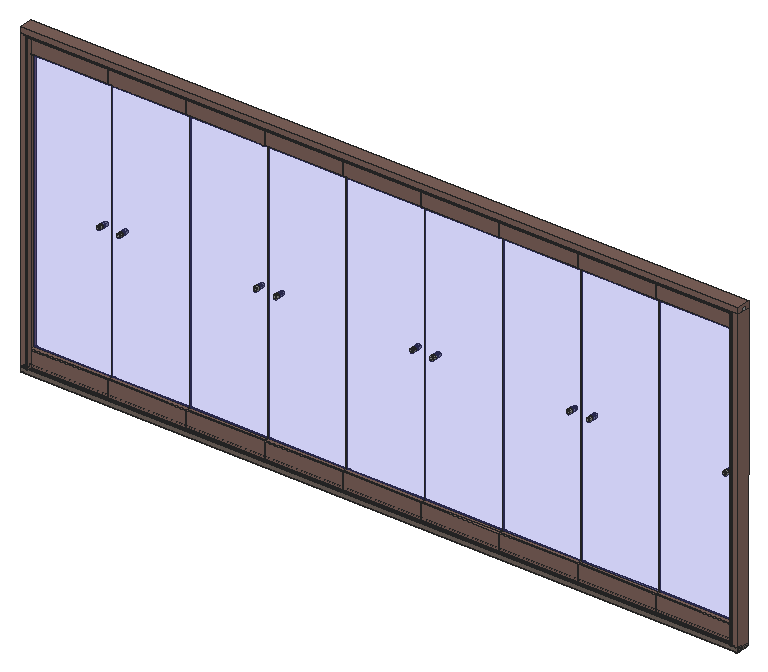
Revit family "FL9L 2385 LH", category Doors, host Wall, Revit 2015
Parameters (values of type "FL9L 2385 LH")
  Function = Interior
  Frame Projection Ext. = 25 mm
  Frame Projection Int. = 25 mm
  Frame Width = 75 mm
  Height = 2385 mm
  Wall Closure = By host
  Width = 5535 mm
Reference planes
  plane 1: y = 0
  plane 2 "Center (Left/Right)": x = 0
  plane 3 "Left": x = -2767.5
  plane 4 "Right": x = 2767.5
  plane 5: z = 2385
  plane 6 "Exterior": y = 75
  plane 7 "Interior": y = -75
  plane 8: x = 2722.5
  plane 9: x = 2716
  plane 10: x = 2116
  plane 11: x = 2112
  plane 12: x = 1512
  plane 13: x = 1508
  plane 14: x = 908
  plane 15: x = 904
  plane 16: x = 304
  plane 17: x = 300
  plane 18: x = -300
  plane 19: x = -304
  plane 20: x = -904
  plane 21: x = -908
  plane 22: x = -1508
  plane 23: x = -1512
  plane 24: x = -2112
  plane 25: x = -2116
  plane 26: x = -2716
  plane 27: x = -2722.5
Forms (mm)
  Extrusion 1, solid, material "Meranti (Frameless)"
    sketch origin (0, 0, 285) x (0, 1, 0) y (0, 0, 1)
      loop
        line (52.5, 2100) -> (-52.5, 2100) -> (-52.5, 2055) -> (-6.5, 2055) -> (-6.5, 2075) -> (15.5, 2075) -> (15.5, 2055) -> (52.5, 2055) -> (52.5, 2100)
    from -2767.5 to 2767.5
  Extrusion 2, solid, material "Steel, Chrome Plated"
    sketch origin (667.231, -1.5, 285) x (0, 1, 0) y (0, 0, 1)
      loop
        line (16.5, 2075) -> (-4.5, 2075) -> (-4.5, 2055) -> (-2.3, 2055) -> (-2.3, 2072.8) -> (14.3, 2072.8) -> (14.3, 2055) -> (16.5, 2055) -> (16.5, 2075)
    from -3434.731 to 2100.269
  Extrusion 3, solid, material "Meranti (Frameless)"
    sketch origin (0, 0, 0) x (1, 0, 0) y (0, 1, 0)
      loop
        line (-2767.5, 52.5) -> (-2767.5, -52.5) -> (-2722.5, -52.5) -> (-2722.5, 24.5) -> (-2734.5, 24.5) -> (-2734.5, 52.5) -> (-2767.5, 52.5)
      loop
        line (2767.5, 52.5) -> (2734.5, 52.5) -> (2734.5, 24.5) -> (2722.5, 24.5) -> (2722.5, -52.5) -> (2767.5, -52.5) -> (2767.5, 52.5)
    from 32 to 2340
  Extrusion 4, solid, material "Aluminium Cill (Bronze)"
    sketch origin (0, 79.18, -119.746) x (0, 1, 0) y (0, 0, 1)
      loop
        line (-26.68, 120.746) -> (-26.68, 135.746)
        arc (-26.68, 135.746) -> (-27.558, 137.867) -> (-29.68, 138.746) r 3
        line (-29.68, 138.746) -> (-40.947, 138.746)
        arc (-40.947, 138.746) -> (-42.68, 137.746) -> (-44.412, 138.746) r 2
        line (-44.412, 138.746) -> (-48.947, 138.746)
        arc (-48.947, 138.746) -> (-50.68, 137.746) -> (-52.412, 138.746) r 2
        line (-52.412, 138.746) -> (-56.947, 138.746)
        arc (-56.947, 138.746) -> (-58.68, 137.746) -> (-60.412, 138.746) r 2
        line (-60.412, 138.746) -> (-67.18, 138.746) -> (-67.18, 135.246)
        arc (-67.18, 135.246) -> (-67.619, 134.185) -> (-68.68, 133.746) r 1.5
        line (-68.68, 133.746) -> (-73.43, 133.746) -> (-73.43, 135.746) -> (-71.996, 135.746)
        arc (-71.996, 135.746) -> (-74.68, 138.746) -> (-77.363, 135.746) r 2.7
        line (-77.363, 135.746) -> (-75.93, 135.746) -> (-75.93, 133.746) -> (-80.68, 133.746)
        arc (-80.68, 133.746) -> (-81.74, 134.185) -> (-82.18, 135.246) r 1.5
        line (-82.18, 135.246) -> (-82.18, 138.746) -> (-90.432, 138.746) -> (-98.68, 138.746) -> (-98.68, 143.746)
        arc (-98.68, 143.746) -> (-99.18, 144.246) -> (-99.68, 143.746) r 0.5
        line (-99.68, 143.746) -> (-99.68, 142.734) -> (-100.88, 142.734) -> (-100.88, 150.246) -> (-99.68, 150.246) -> (-99.68, 149.246)
        arc (-99.68, 149.246) -> (-99.18, 148.746) -> (-98.68, 149.246) r 0.5
        line (-98.68, 149.246) -> (-98.68, 150.746)
        arc (-98.68, 150.746) -> (-98.972, 151.453) -> (-99.68, 151.746) r 1
        line (-99.68, 151.746) -> (-109.447, 151.746)
        arc (-109.447, 151.746) -> (-111.18, 150.746) -> (-112.912, 151.746) r 2
        line (-112.912, 151.746) -> (-117.447, 151.746)
        arc (-117.447, 151.746) -> (-119.18, 150.746) -> (-120.912, 151.746) r 2
        line (-120.912, 151.746) -> (-130.68, 151.746)
        arc (-130.68, 151.746) -> (-131.387, 151.453) -> (-131.68, 150.746) r 1
        line (-131.68, 150.746) -> (-131.68, 120.746)
        arc (-131.68, 120.746) -> (-131.387, 120.039) -> (-130.68, 119.746) r 1
        line (-130.68, 119.746) -> (-27.68, 119.746)
        arc (-27.68, 119.746) -> (-26.972, 120.039) -> (-26.68, 120.746) r 1
      loop
        line (-29.68, 137.246) -> (-40.23, 137.246)
        arc (-40.23, 137.246) -> (-42.68, 136.246) -> (-45.129, 137.246) r 3.5
        line (-45.129, 137.246) -> (-48.23, 137.246)
        arc (-48.23, 137.246) -> (-50.68, 136.246) -> (-53.129, 137.246) r 3.5
        line (-53.129, 137.246) -> (-56.23, 137.246)
        arc (-56.23, 137.246) -> (-58.68, 136.246) -> (-61.129, 137.246) r 3.5
        line (-61.129, 137.246) -> (-65.68, 137.246) -> (-65.68, 135.246)
        arc (-65.68, 135.246) -> (-66.558, 133.125) -> (-68.68, 132.246) r 3
        line (-68.68, 132.246) -> (-73.93, 132.246) -> (-73.93, 121.246) -> (-28.18, 121.246) -> (-28.18, 135.746)
        arc (-28.18, 135.746) -> (-28.619, 136.807) -> (-29.68, 137.246) r 1.5
      loop
        line (-75.43, 132.246) -> (-80.68, 132.246)
        arc (-80.68, 132.246) -> (-82.801, 133.125) -> (-83.68, 135.246) r 3
        line (-83.68, 135.246) -> (-83.68, 137.246) -> (-98.68, 137.246) -> (-98.68, 121.246) -> (-75.43, 121.246) -> (-75.43, 132.246)
      loop
        line (-100.18, 121.246) -> (-100.18, 141.246) -> (-102.38, 141.246) -> (-102.38, 150.246) -> (-108.73, 150.246)
        arc (-108.73, 150.246) -> (-111.18, 149.246) -> (-113.629, 150.246) r 3.5
        line (-113.629, 150.246) -> (-116.73, 150.246)
        arc (-116.73, 150.246) -> (-119.18, 149.246) -> (-121.629, 150.246) r 3.5
        line (-121.629, 150.246) -> (-130.18, 150.246) -> (-130.18, 121.246) -> (-100.18, 121.246)
    from -2767.5 to 2767.5
  Extrusion 5, solid, material "Meranti (Frameless)"
    sketch origin (0, 0, 0) x (1, 0, 0) y (0, 1, 0)
      loop
        line (-2767.5, 52.5) -> (-2767.5, -19.5) -> (-2722.5, -19.5) -> (-2722.5, 24.5) -> (-2734.5, 24.5) -> (-2734.5, 52.5) -> (-2767.5, 52.5)
      loop
        line (2767.5, 52.5) -> (2734.5, 52.5) -> (2734.5, 24.5) -> (2722.5, 24.5) -> (2722.5, -19.5) -> (2767.5, -19.5) -> (2767.5, 52.5)
    from 19 to 32
  Extrusion 6, solid, material "Meranti (Frameless)"
    sketch origin (0, 0, 285) x (0, 1, 0) y (0, 0, 1)
      loop
        line (-52.5, 2052) -> (-52.5, 2042) -> (-26.5, 2042) -> (-26.5, 2045.5) -> (-33.5, 2045.5) -> (-33.5, 2048.5) -> (-26.5, 2048.5) -> (-26.5, 2055) -> (-49.5, 2055) -> (-49.5, 2052) -> (-52.5, 2052)
    from -2722.5 to 2722.5
  Extrusion 7, solid, material "Meranti (Frameless)"
    sketch origin (0, 0, 285) x (1, 0, 0) y (0, 1, 0)
      loop
        line (-2719.5, -52.5) -> (-2709.5, -52.5) -> (-2709.5, -26.5) -> (-2713, -26.5) -> (-2713, -33.5) -> (-2716, -33.5) -> (-2716, -26.5) -> (-2722.5, -26.5) -> (-2722.5, -49.5) -> (-2719.5, -49.5) -> (-2719.5, -52.5)
      loop
        line (2717, -52.5) -> (2717, -49.5) -> (2722.5, -49.5) -> (2722.5, -26.5) -> (2713.5, -26.5) -> (2713.5, -33.5) -> (2710.5, -33.5) -> (2710.5, -26.5) -> (2707, -26.5) -> (2707, -52.5) -> (2717, -52.5)
    from -253 to 2042
  Extrusion 8, solid, material "Meranti (Frameless)"
    sketch origin (1806, 0, 0) x (0, 1, 0) y (0, 0, 1)
      loop
        line (24.5, 24) -> (24.5, 112) -> (13, 112) -> (13, 162) -> (-15.5, 162) -> (-20.5, 157) -> (-20.5, 37) -> (-15.5, 37) -> (-15.5, 24) -> (24.5, 24)
      loop
        line (24.5, 2335) -> (-20.5, 2335) -> (-20.5, 2202) -> (-15.5, 2197) -> (13, 2197) -> (13, 2247) -> (24.5, 2247) -> (24.5, 2335)
    from 310 to 910
  Extrusion 9, solid, material "Glass"
    sketch origin (2282.101, -93.1, -804.253) x (1, 0, 0) y (0, 0, 1)
      loop
        line (-166.101, 3051.253) -> (-166.101, 916.253) -> (433.899, 916.253) -> (433.899, 3051.253) -> (-166.101, 3051.253)
    from -116.1 to -106.1
  Extrusion 10, solid, material "Rubber, Black"
    sketch origin (1808.5, 0, 0) x (0, 1, 0) y (0, 0, 1)
      loop
        line (24.5, 112) -> (24.5, 162) -> (23, 162) -> (23, 112) -> (24.5, 112)
      loop
        line (24.5, 2197) -> (24.5, 2247) -> (23, 2247) -> (23, 2197) -> (24.5, 2197)
    from 307.5 to 907.5
  Revolve 11, solid, material "Steel, S 460"
    sketch origin (2266, 0, -1800) x (0, 1, 0) y (0, 0, 1)
      loop
        line (24.5, 1941.5) -> (31.5, 1941.5) -> (31.5, 1950) -> (29.5, 1952) -> (24.5, 1952) -> (24.5, 1941.5)
      axis (31.5, 1937) -> (24.5, 1937)
    angle from 0 to 360
  Revolve 12, solid, material "Steel, S 460"
    sketch origin (2566, 0, -1800) x (0, 1, 0) y (0, 0, -1)
      loop
        line (24.5, -1941.5) -> (24.5, -1952) -> (29.5, -1952) -> (31.5, -1950) -> (31.5, -1941.5) -> (24.5, -1941.5)
      axis (31.5, -1937) -> (24.5, -1937)
    angle from 0 to 360
  Revolve 13, solid, material "Steel, S 460"
    sketch origin (2266, 0, 285) x (0, 1, 0) y (0, 0, 1)
      loop
        line (24.5, 1941.5) -> (31.5, 1941.5) -> (31.5, 1950) -> (29.5, 1952) -> (24.5, 1952) -> (24.5, 1941.5)
      axis (31.5, 1937) -> (24.5, 1937)
    angle from 0 to 360
  Revolve 14, solid, material "Steel, S 460"
    sketch origin (2566, 0, 285) x (0, 1, 0) y (0, 0, -1)
      loop
        line (24.5, -1941.5) -> (24.5, -1952) -> (29.5, -1952) -> (31.5, -1950) -> (31.5, -1941.5) -> (24.5, -1941.5)
      axis (31.5, -1937) -> (24.5, -1937)
    angle from 0 to 360
  Revolve 15, solid, material "Steel, Chrome Plated"
    sketch origin (1433, -128.249, 152.823) x (0, 1, 0) y (0, 0, -1)
      loop
        line (151.249, -1026.677) -> (151.249, -1041.677) -> (154.249, -1041.677) -> (159.249, -1036.677) -> (164.249, -1041.677) -> (180.249, -1041.677) -> (181.249, -1040.677) -> (181.249, -1026.677) -> (151.249, -1026.677)
      axis (181.249, -1026.677) -> (151.249, -1026.677)
    angle from 0 to 360
  Revolve 16, solid, material "Steel, Chrome Plated"
    sketch origin (1433, 164.249, 152.823) x (0, -1, 0) y (0, 0, 1)
      loop
        line (151.249, 1026.677) -> (181.249, 1026.677) -> (181.249, 1040.677) -> (180.249, 1041.677) -> (164.249, 1041.677) -> (159.249, 1036.677) -> (154.249, 1041.677) -> (151.249, 1041.677) -> (151.249, 1026.677)
      axis (181.249, 1026.677) -> (151.249, 1026.677)
    angle from 0 to 360
  Revolve 17, solid, material "Steel, Chrome Plated"
    sketch origin (1587, -128.249, 152.823) x (0, 1, 0) y (0, 0, 1)
      loop
        line (151.249, 1026.677) -> (181.249, 1026.677) -> (181.249, 1040.677) -> (180.249, 1041.677) -> (164.249, 1041.677) -> (159.249, 1036.677) -> (154.249, 1041.677) -> (151.249, 1041.677) -> (151.249, 1026.677)
      axis (181.249, 1026.677) -> (151.249, 1026.677)
    angle from 0 to 360
  Revolve 18, solid, material "Steel, Chrome Plated"
    sketch origin (1587, 164.249, 152.823) x (0, -1, 0) y (0, 0, -1)
      loop
        line (151.249, -1026.677) -> (151.249, -1041.677) -> (154.249, -1041.677) -> (159.249, -1036.677) -> (164.249, -1041.677) -> (180.249, -1041.677) -> (181.249, -1040.677) -> (181.249, -1026.677) -> (151.249, -1026.677)
      axis (181.249, -1026.677) -> (151.249, -1026.677)
    angle from 0 to 360
  Revolve 19, solid, material "Steel, Chrome Plated"
    sketch origin (-2191, -128.249, 152.823) x (0, 1, 0) y (0, 0, -1)
      loop
        line (151.249, -1026.677) -> (151.249, -1041.677) -> (154.249, -1041.677) -> (159.249, -1036.677) -> (164.249, -1041.677) -> (180.249, -1041.677) -> (181.249, -1040.677) -> (181.249, -1026.677) -> (151.249, -1026.677)
      axis (181.249, -1026.677) -> (151.249, -1026.677)
    angle from 0 to 360
  Revolve 20, solid, material "Steel, Chrome Plated"
    sketch origin (-2191, 164.249, 152.823) x (0, -1, 0) y (0, 0, 1)
      loop
        line (151.249, 1026.677) -> (181.249, 1026.677) -> (181.249, 1040.677) -> (180.249, 1041.677) -> (164.249, 1041.677) -> (159.249, 1036.677) -> (154.249, 1041.677) -> (151.249, 1041.677) -> (151.249, 1026.677)
      axis (181.249, 1026.677) -> (151.249, 1026.677)
    angle from 0 to 360
  Revolve 21, solid, material "Steel, Chrome Plated"
    sketch origin (-2037, -128.249, 152.823) x (0, 1, 0) y (0, 0, 1)
      loop
        line (151.249, 1026.677) -> (181.249, 1026.677) -> (181.249, 1040.677) -> (180.249, 1041.677) -> (164.249, 1041.677) -> (159.249, 1036.677) -> (154.249, 1041.677) -> (151.249, 1041.677) -> (151.249, 1026.677)
      axis (181.249, 1026.677) -> (151.249, 1026.677)
    angle from 0 to 360
  Revolve 22, solid, material "Steel, Chrome Plated"
    sketch origin (-2037, 164.249, 152.823) x (0, -1, 0) y (0, 0, -1)
      loop
        line (151.249, -1026.677) -> (151.249, -1041.677) -> (154.249, -1041.677) -> (159.249, -1036.677) -> (164.249, -1041.677) -> (180.249, -1041.677) -> (181.249, -1040.677) -> (181.249, -1026.677) -> (151.249, -1026.677)
      axis (181.249, -1026.677) -> (151.249, -1026.677)
    angle from 0 to 360
  Revolve 23, solid, material "Steel, Chrome Plated"
    sketch origin (-983, -128.249, 152.823) x (0, 1, 0) y (0, 0, -1)
      loop
        line (151.249, -1026.677) -> (151.249, -1041.677) -> (154.249, -1041.677) -> (159.249, -1036.677) -> (164.249, -1041.677) -> (180.249, -1041.677) -> (181.249, -1040.677) -> (181.249, -1026.677) -> (151.249, -1026.677)
      axis (181.249, -1026.677) -> (151.249, -1026.677)
    angle from 0 to 360
  Revolve 24, solid, material "Steel, Chrome Plated"
    sketch origin (-983, 164.249, 152.823) x (0, -1, 0) y (0, 0, 1)
      loop
        line (151.249, 1026.677) -> (181.249, 1026.677) -> (181.249, 1040.677) -> (180.249, 1041.677) -> (164.249, 1041.677) -> (159.249, 1036.677) -> (154.249, 1041.677) -> (151.249, 1041.677) -> (151.249, 1026.677)
      axis (181.249, 1026.677) -> (151.249, 1026.677)
    angle from 0 to 360
  Revolve 25, solid, material "Steel, Chrome Plated"
    sketch origin (-829, -128.249, 152.823) x (0, 1, 0) y (0, 0, 1)
      loop
        line (151.249, 1026.677) -> (181.249, 1026.677) -> (181.249, 1040.677) -> (180.249, 1041.677) -> (164.249, 1041.677) -> (159.249, 1036.677) -> (154.249, 1041.677) -> (151.249, 1041.677) -> (151.249, 1026.677)
      axis (181.249, 1026.677) -> (151.249, 1026.677)
    angle from 0 to 360
  Revolve 26, solid, material "Steel, Chrome Plated"
    sketch origin (-829, 164.249, 152.823) x (0, -1, 0) y (0, 0, -1)
      loop
        line (151.249, -1026.677) -> (151.249, -1041.677) -> (154.249, -1041.677) -> (159.249, -1036.677) -> (164.249, -1041.677) -> (180.249, -1041.677) -> (181.249, -1040.677) -> (181.249, -1026.677) -> (151.249, -1026.677)
      axis (181.249, -1026.677) -> (151.249, -1026.677)
    angle from 0 to 360
  Revolve 27, solid, material "Steel, Chrome Plated"
    sketch origin (225, -128.249, 152.823) x (0, 1, 0) y (0, 0, -1)
      loop
        line (151.249, -1026.677) -> (151.249, -1041.677) -> (154.249, -1041.677) -> (159.249, -1036.677) -> (164.249, -1041.677) -> (180.249, -1041.677) -> (181.249, -1040.677) -> (181.249, -1026.677) -> (151.249, -1026.677)
      axis (181.249, -1026.677) -> (151.249, -1026.677)
    angle from 0 to 360
  Revolve 28, solid, material "Steel, Chrome Plated"
    sketch origin (225, 164.249, 152.823) x (0, -1, 0) y (0, 0, 1)
      loop
        line (151.249, 1026.677) -> (181.249, 1026.677) -> (181.249, 1040.677) -> (180.249, 1041.677) -> (164.249, 1041.677) -> (159.249, 1036.677) -> (154.249, 1041.677) -> (151.249, 1041.677) -> (151.249, 1026.677)
      axis (181.249, 1026.677) -> (151.249, 1026.677)
    angle from 0 to 360
  Revolve 29, solid, material "Steel, Chrome Plated"
    sketch origin (379, -128.249, 152.823) x (0, 1, 0) y (0, 0, 1)
      loop
        line (151.249, 1026.677) -> (181.249, 1026.677) -> (181.249, 1040.677) -> (180.249, 1041.677) -> (164.249, 1041.677) -> (159.249, 1036.677) -> (154.249, 1041.677) -> (151.249, 1041.677) -> (151.249, 1026.677)
      axis (181.249, 1026.677) -> (151.249, 1026.677)
    angle from 0 to 360
  Revolve 30, solid, material "Steel, Chrome Plated"
    sketch origin (379, 164.249, 152.823) x (0, -1, 0) y (0, 0, -1)
      loop
        line (151.249, -1026.677) -> (151.249, -1041.677) -> (154.249, -1041.677) -> (159.249, -1036.677) -> (164.249, -1041.677) -> (180.249, -1041.677) -> (181.249, -1040.677) -> (181.249, -1026.677) -> (151.249, -1026.677)
      axis (181.249, -1026.677) -> (151.249, -1026.677)
    angle from 0 to 360
  Revolve 31, solid, material "Steel, Chrome Plated"
    sketch origin (2641, -128.249, 152.823) x (0, 1, 0) y (0, 0, -1)
      loop
        line (151.249, -1026.677) -> (151.249, -1041.677) -> (154.249, -1041.677) -> (159.249, -1036.677) -> (164.249, -1041.677) -> (180.249, -1041.677) -> (181.249, -1040.677) -> (181.249, -1026.677) -> (151.249, -1026.677)
      axis (181.249, -1026.677) -> (151.249, -1026.677)
    angle from 0 to 360
  Revolve 32, solid, material "Steel, Chrome Plated"
    sketch origin (2641, 164.249, 152.823) x (0, -1, 0) y (0, 0, 1)
      loop
        line (151.249, 1026.677) -> (181.249, 1026.677) -> (181.249, 1040.677) -> (180.249, 1041.677) -> (164.249, 1041.677) -> (159.249, 1036.677) -> (154.249, 1041.677) -> (151.249, 1041.677) -> (151.249, 1026.677)
      axis (181.249, 1026.677) -> (151.249, 1026.677)
    angle from 0 to 360
  Extrusion 33, solid, material "Meranti (Frameless)"
    sketch origin (1202, 0, 0) x (0, 1, 0) y (0, 0, 1)
      loop
        line (24.5, 24) -> (24.5, 112) -> (13, 112) -> (13, 162) -> (-15.5, 162) -> (-20.5, 157) -> (-20.5, 37) -> (-15.5, 37) -> (-15.5, 24) -> (24.5, 24)
      loop
        line (24.5, 2335) -> (-20.5, 2335) -> (-20.5, 2202) -> (-15.5, 2197) -> (13, 2197) -> (13, 2247) -> (24.5, 2247) -> (24.5, 2335)
    from 310 to 910
  Extrusion 34, solid, material "Glass"
    sketch origin (1678.101, -93.1, -804.253) x (1, 0, 0) y (0, 0, 1)
      loop
        line (-166.101, 3051.253) -> (-166.101, 916.253) -> (433.899, 916.253) -> (433.899, 3051.253) -> (-166.101, 3051.253)
    from -116.1 to -106.1
  Extrusion 35, solid, material "Rubber, Black"
    sketch origin (1204.5, 0, 0) x (0, 1, 0) y (0, 0, 1)
      loop
        line (24.5, 112) -> (24.5, 162) -> (23, 162) -> (23, 112) -> (24.5, 112)
      loop
        line (24.5, 2197) -> (24.5, 2247) -> (23, 2247) -> (23, 2197) -> (24.5, 2197)
    from 307.5 to 907.5
  Revolve 36, solid, material "Steel, S 460"
    sketch origin (1662, 0, -1800) x (0, 1, 0) y (0, 0, 1)
      loop
        line (24.5, 1941.5) -> (31.5, 1941.5) -> (31.5, 1950) -> (29.5, 1952) -> (24.5, 1952) -> (24.5, 1941.5)
      axis (31.5, 1937) -> (24.5, 1937)
    angle from 0 to 360
  Revolve 37, solid, material "Steel, S 460"
    sketch origin (1962, 0, -1800) x (0, 1, 0) y (0, 0, -1)
      loop
        line (24.5, -1941.5) -> (24.5, -1952) -> (29.5, -1952) -> (31.5, -1950) -> (31.5, -1941.5) -> (24.5, -1941.5)
      axis (31.5, -1937) -> (24.5, -1937)
    angle from 0 to 360
  Revolve 38, solid, material "Steel, S 460"
    sketch origin (1662, 0, 285) x (0, 1, 0) y (0, 0, 1)
      loop
        line (24.5, 1941.5) -> (31.5, 1941.5) -> (31.5, 1950) -> (29.5, 1952) -> (24.5, 1952) -> (24.5, 1941.5)
      axis (31.5, 1937) -> (24.5, 1937)
    angle from 0 to 360
  Revolve 39, solid, material "Steel, S 460"
    sketch origin (1962, 0, 285) x (0, 1, 0) y (0, 0, -1)
      loop
        line (24.5, -1941.5) -> (24.5, -1952) -> (29.5, -1952) -> (31.5, -1950) -> (31.5, -1941.5) -> (24.5, -1941.5)
      axis (31.5, -1937) -> (24.5, -1937)
    angle from 0 to 360
  Extrusion 40, solid, material "Meranti (Frameless)"
    sketch origin (598, 0, 0) x (0, 1, 0) y (0, 0, 1)
      loop
        line (24.5, 24) -> (24.5, 112) -> (13, 112) -> (13, 162) -> (-15.5, 162) -> (-20.5, 157) -> (-20.5, 37) -> (-15.5, 37) -> (-15.5, 24) -> (24.5, 24)
      loop
        line (24.5, 2335) -> (-20.5, 2335) -> (-20.5, 2202) -> (-15.5, 2197) -> (13, 2197) -> (13, 2247) -> (24.5, 2247) -> (24.5, 2335)
    from 310 to 910
  Extrusion 41, solid, material "Glass"
    sketch origin (1074.101, -93.1, -804.253) x (1, 0, 0) y (0, 0, 1)
      loop
        line (-166.101, 3051.253) -> (-166.101, 916.253) -> (433.899, 916.253) -> (433.899, 3051.253) -> (-166.101, 3051.253)
    from -116.1 to -106.1
  Extrusion 42, solid, material "Rubber, Black"
    sketch origin (600.5, 0, 0) x (0, 1, 0) y (0, 0, 1)
      loop
        line (24.5, 112) -> (24.5, 162) -> (23, 162) -> (23, 112) -> (24.5, 112)
      loop
        line (24.5, 2197) -> (24.5, 2247) -> (23, 2247) -> (23, 2197) -> (24.5, 2197)
    from 307.5 to 907.5
  Revolve 43, solid, material "Steel, S 460"
    sketch origin (1058, 0, -1800) x (0, 1, 0) y (0, 0, 1)
      loop
        line (24.5, 1941.5) -> (31.5, 1941.5) -> (31.5, 1950) -> (29.5, 1952) -> (24.5, 1952) -> (24.5, 1941.5)
      axis (31.5, 1937) -> (24.5, 1937)
    angle from 0 to 360
  Revolve 44, solid, material "Steel, S 460"
    sketch origin (1358, 0, -1800) x (0, 1, 0) y (0, 0, -1)
      loop
        line (24.5, -1941.5) -> (24.5, -1952) -> (29.5, -1952) -> (31.5, -1950) -> (31.5, -1941.5) -> (24.5, -1941.5)
      axis (31.5, -1937) -> (24.5, -1937)
    angle from 0 to 360
  Revolve 45, solid, material "Steel, S 460"
    sketch origin (1058, 0, 285) x (0, 1, 0) y (0, 0, 1)
      loop
        line (24.5, 1941.5) -> (31.5, 1941.5) -> (31.5, 1950) -> (29.5, 1952) -> (24.5, 1952) -> (24.5, 1941.5)
      axis (31.5, 1937) -> (24.5, 1937)
    angle from 0 to 360
  Revolve 46, solid, material "Steel, S 460"
    sketch origin (1358, 0, 285) x (0, 1, 0) y (0, 0, -1)
      loop
        line (24.5, -1941.5) -> (24.5, -1952) -> (29.5, -1952) -> (31.5, -1950) -> (31.5, -1941.5) -> (24.5, -1941.5)
      axis (31.5, -1937) -> (24.5, -1937)
    angle from 0 to 360
  Extrusion 47, solid, material "Meranti (Frameless)"
    sketch origin (-6, 0, 0) x (0, 1, 0) y (0, 0, 1)
      loop
        line (24.5, 24) -> (24.5, 112) -> (13, 112) -> (13, 162) -> (-15.5, 162) -> (-20.5, 157) -> (-20.5, 37) -> (-15.5, 37) -> (-15.5, 24) -> (24.5, 24)
      loop
        line (24.5, 2335) -> (-20.5, 2335) -> (-20.5, 2202) -> (-15.5, 2197) -> (13, 2197) -> (13, 2247) -> (24.5, 2247) -> (24.5, 2335)
    from 310 to 910
  Extrusion 48, solid, material "Glass"
    sketch origin (470.101, -93.1, -804.253) x (1, 0, 0) y (0, 0, 1)
      loop
        line (-166.101, 3051.253) -> (-166.101, 916.253) -> (433.899, 916.253) -> (433.899, 3051.253) -> (-166.101, 3051.253)
    from -116.1 to -106.1
  Extrusion 49, solid, material "Rubber, Black"
    sketch origin (-3.5, 0, 0) x (0, 1, 0) y (0, 0, 1)
      loop
        line (24.5, 112) -> (24.5, 162) -> (23, 162) -> (23, 112) -> (24.5, 112)
      loop
        line (24.5, 2197) -> (24.5, 2247) -> (23, 2247) -> (23, 2197) -> (24.5, 2197)
    from 307.5 to 907.5
  Revolve 50, solid, material "Steel, S 460"
    sketch origin (454, 0, -1800) x (0, 1, 0) y (0, 0, 1)
      loop
        line (24.5, 1941.5) -> (31.5, 1941.5) -> (31.5, 1950) -> (29.5, 1952) -> (24.5, 1952) -> (24.5, 1941.5)
      axis (31.5, 1937) -> (24.5, 1937)
    angle from 0 to 360
  Revolve 51, solid, material "Steel, S 460"
    sketch origin (754, 0, -1800) x (0, 1, 0) y (0, 0, -1)
      loop
        line (24.5, -1941.5) -> (24.5, -1952) -> (29.5, -1952) -> (31.5, -1950) -> (31.5, -1941.5) -> (24.5, -1941.5)
      axis (31.5, -1937) -> (24.5, -1937)
    angle from 0 to 360
  Revolve 52, solid, material "Steel, S 460"
    sketch origin (454, 0, 285) x (0, 1, 0) y (0, 0, 1)
      loop
        line (24.5, 1941.5) -> (31.5, 1941.5) -> (31.5, 1950) -> (29.5, 1952) -> (24.5, 1952) -> (24.5, 1941.5)
      axis (31.5, 1937) -> (24.5, 1937)
    angle from 0 to 360
  Revolve 53, solid, material "Steel, S 460"
    sketch origin (754, 0, 285) x (0, 1, 0) y (0, 0, -1)
      loop
        line (24.5, -1941.5) -> (24.5, -1952) -> (29.5, -1952) -> (31.5, -1950) -> (31.5, -1941.5) -> (24.5, -1941.5)
      axis (31.5, -1937) -> (24.5, -1937)
    angle from 0 to 360
  Extrusion 54, solid, material "Meranti (Frameless)"
    sketch origin (-610, 0, 0) x (0, 1, 0) y (0, 0, 1)
      loop
        line (24.5, 24) -> (24.5, 112) -> (13, 112) -> (13, 162) -> (-15.5, 162) -> (-20.5, 157) -> (-20.5, 37) -> (-15.5, 37) -> (-15.5, 24) -> (24.5, 24)
      loop
        line (24.5, 2335) -> (-20.5, 2335) -> (-20.5, 2202) -> (-15.5, 2197) -> (13, 2197) -> (13, 2247) -> (24.5, 2247) -> (24.5, 2335)
    from 310 to 910
  Extrusion 55, solid, material "Glass"
    sketch origin (-133.899, -93.1, -804.253) x (1, 0, 0) y (0, 0, 1)
      loop
        line (-166.101, 3051.253) -> (-166.101, 916.253) -> (433.899, 916.253) -> (433.899, 3051.253) -> (-166.101, 3051.253)
    from -116.1 to -106.1
  Extrusion 56, solid, material "Rubber, Black"
    sketch origin (-607.5, 0, 0) x (0, 1, 0) y (0, 0, 1)
      loop
        line (24.5, 112) -> (24.5, 162) -> (23, 162) -> (23, 112) -> (24.5, 112)
      loop
        line (24.5, 2197) -> (24.5, 2247) -> (23, 2247) -> (23, 2197) -> (24.5, 2197)
    from 307.5 to 907.5
  Revolve 57, solid, material "Steel, S 460"
    sketch origin (-150, 0, -1800) x (0, 1, 0) y (0, 0, 1)
      loop
        line (24.5, 1941.5) -> (31.5, 1941.5) -> (31.5, 1950) -> (29.5, 1952) -> (24.5, 1952) -> (24.5, 1941.5)
      axis (31.5, 1937) -> (24.5, 1937)
    angle from 0 to 360
  Revolve 58, solid, material "Steel, S 460"
    sketch origin (150, 0, -1800) x (0, 1, 0) y (0, 0, -1)
      loop
        line (24.5, -1941.5) -> (24.5, -1952) -> (29.5, -1952) -> (31.5, -1950) -> (31.5, -1941.5) -> (24.5, -1941.5)
      axis (31.5, -1937) -> (24.5, -1937)
    angle from 0 to 360
  Revolve 59, solid, material "Steel, S 460"
    sketch origin (-150, 0, 285) x (0, 1, 0) y (0, 0, 1)
      loop
        line (24.5, 1941.5) -> (31.5, 1941.5) -> (31.5, 1950) -> (29.5, 1952) -> (24.5, 1952) -> (24.5, 1941.5)
      axis (31.5, 1937) -> (24.5, 1937)
    angle from 0 to 360
  Revolve 60, solid, material "Steel, S 460"
    sketch origin (150, 0, 285) x (0, 1, 0) y (0, 0, -1)
      loop
        line (24.5, -1941.5) -> (24.5, -1952) -> (29.5, -1952) -> (31.5, -1950) -> (31.5, -1941.5) -> (24.5, -1941.5)
      axis (31.5, -1937) -> (24.5, -1937)
    angle from 0 to 360
  Extrusion 61, solid, material "Meranti (Frameless)"
    sketch origin (-1214, 0, 0) x (0, 1, 0) y (0, 0, 1)
      loop
        line (24.5, 24) -> (24.5, 112) -> (13, 112) -> (13, 162) -> (-15.5, 162) -> (-20.5, 157) -> (-20.5, 37) -> (-15.5, 37) -> (-15.5, 24) -> (24.5, 24)
      loop
        line (24.5, 2335) -> (-20.5, 2335) -> (-20.5, 2202) -> (-15.5, 2197) -> (13, 2197) -> (13, 2247) -> (24.5, 2247) -> (24.5, 2335)
    from 310 to 910
  Extrusion 62, solid, material "Glass"
    sketch origin (-737.899, -93.1, -804.253) x (1, 0, 0) y (0, 0, 1)
      loop
        line (-166.101, 3051.253) -> (-166.101, 916.253) -> (433.899, 916.253) -> (433.899, 3051.253) -> (-166.101, 3051.253)
    from -116.1 to -106.1
  Extrusion 63, solid, material "Rubber, Black"
    sketch origin (-1211.5, 0, 0) x (0, 1, 0) y (0, 0, 1)
      loop
        line (24.5, 112) -> (24.5, 162) -> (23, 162) -> (23, 112) -> (24.5, 112)
      loop
        line (24.5, 2197) -> (24.5, 2247) -> (23, 2247) -> (23, 2197) -> (24.5, 2197)
    from 307.5 to 907.5
  Revolve 64, solid, material "Steel, S 460"
    sketch origin (-754, 0, -1800) x (0, 1, 0) y (0, 0, 1)
      loop
        line (24.5, 1941.5) -> (31.5, 1941.5) -> (31.5, 1950) -> (29.5, 1952) -> (24.5, 1952) -> (24.5, 1941.5)
      axis (31.5, 1937) -> (24.5, 1937)
    angle from 0 to 360
  Revolve 65, solid, material "Steel, S 460"
    sketch origin (-454, 0, -1800) x (0, 1, 0) y (0, 0, -1)
      loop
        line (24.5, -1941.5) -> (24.5, -1952) -> (29.5, -1952) -> (31.5, -1950) -> (31.5, -1941.5) -> (24.5, -1941.5)
      axis (31.5, -1937) -> (24.5, -1937)
    angle from 0 to 360
  Revolve 66, solid, material "Steel, S 460"
    sketch origin (-754, 0, 285) x (0, 1, 0) y (0, 0, 1)
      loop
        line (24.5, 1941.5) -> (31.5, 1941.5) -> (31.5, 1950) -> (29.5, 1952) -> (24.5, 1952) -> (24.5, 1941.5)
      axis (31.5, 1937) -> (24.5, 1937)
    angle from 0 to 360
  Revolve 67, solid, material "Steel, S 460"
    sketch origin (-454, 0, 285) x (0, 1, 0) y (0, 0, -1)
      loop
        line (24.5, -1941.5) -> (24.5, -1952) -> (29.5, -1952) -> (31.5, -1950) -> (31.5, -1941.5) -> (24.5, -1941.5)
      axis (31.5, -1937) -> (24.5, -1937)
    angle from 0 to 360
  Extrusion 68, solid, material "Meranti (Frameless)"
    sketch origin (-1818, 0, 0) x (0, 1, 0) y (0, 0, 1)
      loop
        line (24.5, 24) -> (24.5, 112) -> (13, 112) -> (13, 162) -> (-15.5, 162) -> (-20.5, 157) -> (-20.5, 37) -> (-15.5, 37) -> (-15.5, 24) -> (24.5, 24)
      loop
        line (24.5, 2335) -> (-20.5, 2335) -> (-20.5, 2202) -> (-15.5, 2197) -> (13, 2197) -> (13, 2247) -> (24.5, 2247) -> (24.5, 2335)
    from 310 to 910
  Extrusion 69, solid, material "Glass"
    sketch origin (-1341.899, -93.1, -804.253) x (1, 0, 0) y (0, 0, 1)
      loop
        line (-166.101, 3051.253) -> (-166.101, 916.253) -> (433.899, 916.253) -> (433.899, 3051.253) -> (-166.101, 3051.253)
    from -116.1 to -106.1
  Extrusion 70, solid, material "Rubber, Black"
    sketch origin (-1815.5, 0, 0) x (0, 1, 0) y (0, 0, 1)
      loop
        line (24.5, 112) -> (24.5, 162) -> (23, 162) -> (23, 112) -> (24.5, 112)
      loop
        line (24.5, 2197) -> (24.5, 2247) -> (23, 2247) -> (23, 2197) -> (24.5, 2197)
    from 307.5 to 907.5
  Revolve 71, solid, material "Steel, S 460"
    sketch origin (-1358, 0, -1800) x (0, 1, 0) y (0, 0, 1)
      loop
        line (24.5, 1941.5) -> (31.5, 1941.5) -> (31.5, 1950) -> (29.5, 1952) -> (24.5, 1952) -> (24.5, 1941.5)
      axis (31.5, 1937) -> (24.5, 1937)
    angle from 0 to 360
  Revolve 72, solid, material "Steel, S 460"
    sketch origin (-1058, 0, -1800) x (0, 1, 0) y (0, 0, -1)
      loop
        line (24.5, -1941.5) -> (24.5, -1952) -> (29.5, -1952) -> (31.5, -1950) -> (31.5, -1941.5) -> (24.5, -1941.5)
      axis (31.5, -1937) -> (24.5, -1937)
    angle from 0 to 360
  Revolve 73, solid, material "Steel, S 460"
    sketch origin (-1358, 0, 285) x (0, 1, 0) y (0, 0, 1)
      loop
        line (24.5, 1941.5) -> (31.5, 1941.5) -> (31.5, 1950) -> (29.5, 1952) -> (24.5, 1952) -> (24.5, 1941.5)
      axis (31.5, 1937) -> (24.5, 1937)
    angle from 0 to 360
  Revolve 74, solid, material "Steel, S 460"
    sketch origin (-1058, 0, 285) x (0, 1, 0) y (0, 0, -1)
      loop
        line (24.5, -1941.5) -> (24.5, -1952) -> (29.5, -1952) -> (31.5, -1950) -> (31.5, -1941.5) -> (24.5, -1941.5)
      axis (31.5, -1937) -> (24.5, -1937)
    angle from 0 to 360
  Extrusion 75, solid, material "Meranti (Frameless)"
    sketch origin (-2422, 0, 0) x (0, 1, 0) y (0, 0, 1)
      loop
        line (24.5, 24) -> (24.5, 112) -> (13, 112) -> (13, 162) -> (-15.5, 162) -> (-20.5, 157) -> (-20.5, 37) -> (-15.5, 37) -> (-15.5, 24) -> (24.5, 24)
      loop
        line (24.5, 2335) -> (-20.5, 2335) -> (-20.5, 2202) -> (-15.5, 2197) -> (13, 2197) -> (13, 2247) -> (24.5, 2247) -> (24.5, 2335)
    from 310 to 910
  Extrusion 76, solid, material "Glass"
    sketch origin (-1945.899, -93.1, -804.253) x (1, 0, 0) y (0, 0, 1)
      loop
        line (-166.101, 3051.253) -> (-166.101, 916.253) -> (433.899, 916.253) -> (433.899, 3051.253) -> (-166.101, 3051.253)
    from -116.1 to -106.1
  Extrusion 77, solid, material "Rubber, Black"
    sketch origin (-2419.5, 0, 0) x (0, 1, 0) y (0, 0, 1)
      loop
        line (24.5, 112) -> (24.5, 162) -> (23, 162) -> (23, 112) -> (24.5, 112)
      loop
        line (24.5, 2197) -> (24.5, 2247) -> (23, 2247) -> (23, 2197) -> (24.5, 2197)
    from 307.5 to 907.5
  Revolve 78, solid, material "Steel, S 460"
    sketch origin (-1962, 0, -1800) x (0, 1, 0) y (0, 0, 1)
      loop
        line (24.5, 1941.5) -> (31.5, 1941.5) -> (31.5, 1950) -> (29.5, 1952) -> (24.5, 1952) -> (24.5, 1941.5)
      axis (31.5, 1937) -> (24.5, 1937)
    angle from 0 to 360
  Revolve 79, solid, material "Steel, S 460"
    sketch origin (-1662, 0, -1800) x (0, 1, 0) y (0, 0, -1)
      loop
        line (24.5, -1941.5) -> (24.5, -1952) -> (29.5, -1952) -> (31.5, -1950) -> (31.5, -1941.5) -> (24.5, -1941.5)
      axis (31.5, -1937) -> (24.5, -1937)
    angle from 0 to 360
  Revolve 80, solid, material "Steel, S 460"
    sketch origin (-1962, 0, 285) x (0, 1, 0) y (0, 0, 1)
      loop
        line (24.5, 1941.5) -> (31.5, 1941.5) -> (31.5, 1950) -> (29.5, 1952) -> (24.5, 1952) -> (24.5, 1941.5)
      axis (31.5, 1937) -> (24.5, 1937)
    angle from 0 to 360
  Revolve 81, solid, material "Steel, S 460"
    sketch origin (-1662, 0, 285) x (0, 1, 0) y (0, 0, -1)
      loop
        line (24.5, -1941.5) -> (24.5, -1952) -> (29.5, -1952) -> (31.5, -1950) -> (31.5, -1941.5) -> (24.5, -1941.5)
      axis (31.5, -1937) -> (24.5, -1937)
    angle from 0 to 360
  Extrusion 82, solid, material "Meranti (Frameless)"
    sketch origin (-3026, 0, 0) x (0, 1, 0) y (0, 0, 1)
      loop
        line (24.5, 24) -> (24.5, 112) -> (13, 112) -> (13, 162) -> (-15.5, 162) -> (-20.5, 157) -> (-20.5, 37) -> (-15.5, 37) -> (-15.5, 24) -> (24.5, 24)
      loop
        line (24.5, 2335) -> (-20.5, 2335) -> (-20.5, 2202) -> (-15.5, 2197) -> (13, 2197) -> (13, 2247) -> (24.5, 2247) -> (24.5, 2335)
    from 310 to 910
  Extrusion 83, solid, material "Glass"
    sketch origin (-2549.899, -93.1, -804.253) x (1, 0, 0) y (0, 0, 1)
      loop
        line (-166.101, 3051.253) -> (-166.101, 916.253) -> (433.899, 916.253) -> (433.899, 3051.253) -> (-166.101, 3051.253)
    from -116.1 to -106.1
  Extrusion 84, solid, material "Rubber, Black"
    sketch origin (-3023.5, 0, 0) x (0, 1, 0) y (0, 0, 1)
      loop
        line (24.5, 112) -> (24.5, 162) -> (23, 162) -> (23, 112) -> (24.5, 112)
      loop
        line (24.5, 2197) -> (24.5, 2247) -> (23, 2247) -> (23, 2197) -> (24.5, 2197)
    from 307.5 to 907.5
  Revolve 85, solid, material "Steel, S 460"
    sketch origin (-2566, 0, -1800) x (0, 1, 0) y (0, 0, 1)
      loop
        line (24.5, 1941.5) -> (31.5, 1941.5) -> (31.5, 1950) -> (29.5, 1952) -> (24.5, 1952) -> (24.5, 1941.5)
      axis (31.5, 1937) -> (24.5, 1937)
    angle from 0 to 360
  Revolve 86, solid, material "Steel, S 460"
    sketch origin (-2266, 0, -1800) x (0, 1, 0) y (0, 0, -1)
      loop
        line (24.5, -1941.5) -> (24.5, -1952) -> (29.5, -1952) -> (31.5, -1950) -> (31.5, -1941.5) -> (24.5, -1941.5)
      axis (31.5, -1937) -> (24.5, -1937)
    angle from 0 to 360
  Revolve 87, solid, material "Steel, S 460"
    sketch origin (-2566, 0, 285) x (0, 1, 0) y (0, 0, 1)
      loop
        line (24.5, 1941.5) -> (31.5, 1941.5) -> (31.5, 1950) -> (29.5, 1952) -> (24.5, 1952) -> (24.5, 1941.5)
      axis (31.5, 1937) -> (24.5, 1937)
    angle from 0 to 360
  Revolve 88, solid, material "Steel, S 460"
    sketch origin (-2266, 0, 285) x (0, 1, 0) y (0, 0, -1)
      loop
        line (24.5, -1941.5) -> (24.5, -1952) -> (29.5, -1952) -> (31.5, -1950) -> (31.5, -1941.5) -> (24.5, -1941.5)
      axis (31.5, -1937) -> (24.5, -1937)
    angle from 0 to 360
Cuts and joins
  joined: Extrusion 3, Extrusion 5
Lines and regions (mm)
  Opening 1
    outline origin (-3050, -75, 0) x (1, 0, 0) y (0, 0, 1)
      loop
        line (282.5, 0) -> (5817.5, 0) -> (5817.5, 2385) -> (282.5, 2385) -> (282.5, 0)
  model lines
    curve 1: line (-2244.302, 75, 1192.5) -> (-2419.302, 75, 1192.5)
    curve 2: line (-2558.379, 75, 1192.5) -> (-2419.302, 75, 1248.691)
    curve 3: line (-2419.302, 75, 1248.691) -> (-2419.302, 75, 1136.309)
    curve 4: line (-2558.379, 75, 1192.5) -> (-2419.302, 75, 1136.309)
    curve 5: line (-1640.302, 75, 1192.5) -> (-1815.302, 75, 1192.5)
    curve 6: line (-1954.379, 75, 1192.5) -> (-1815.302, 75, 1248.691)
    curve 7: line (-1815.302, 75, 1248.691) -> (-1815.302, 75, 1136.309)
    curve 8: line (-1954.379, 75, 1192.5) -> (-1815.302, 75, 1136.309)
    curve 9: line (-1036.302, 75, 1192.5) -> (-1211.302, 75, 1192.5)
    curve 10: line (-1350.379, 75, 1192.5) -> (-1211.302, 75, 1248.691)
    curve 11: line (-1211.302, 75, 1248.691) -> (-1211.302, 75, 1136.309)
    curve 12: line (-1350.379, 75, 1192.5) -> (-1211.302, 75, 1136.309)
    curve 13: line (-432.302, 75, 1192.5) -> (-607.302, 75, 1192.5)
    curve 14: line (-746.379, 75, 1192.5) -> (-607.302, 75, 1248.691)
    curve 15: line (-607.302, 75, 1248.691) -> (-607.302, 75, 1136.309)
    curve 16: line (-746.379, 75, 1192.5) -> (-607.302, 75, 1136.309)
    curve 17: line (171.698, 75, 1192.5) -> (-3.302, 75, 1192.5)
    curve 18: line (-142.379, 75, 1192.5) -> (-3.302, 75, 1248.691)
    curve 19: line (-3.302, 75, 1248.691) -> (-3.302, 75, 1136.309)
    curve 20: line (-142.379, 75, 1192.5) -> (-3.302, 75, 1136.309)
    curve 21: line (775.698, 75, 1192.5) -> (600.698, 75, 1192.5)
    curve 22: line (461.621, 75, 1192.5) -> (600.698, 75, 1248.691)
    curve 23: line (600.698, 75, 1248.691) -> (600.698, 75, 1136.309)
    curve 24: line (461.621, 75, 1192.5) -> (600.698, 75, 1136.309)
    curve 25: line (1379.698, 75, 1192.5) -> (1204.698, 75, 1192.5)
    curve 26: line (1065.621, 75, 1192.5) -> (1204.698, 75, 1248.691)
    curve 27: line (1204.698, 75, 1248.691) -> (1204.698, 75, 1136.309)
    curve 28: line (1065.621, 75, 1192.5) -> (1204.698, 75, 1136.309)
    curve 29: line (1983.698, 75, 1192.5) -> (1808.698, 75, 1192.5)
    curve 30: line (1669.621, 75, 1192.5) -> (1808.698, 75, 1248.691)
    curve 31: line (1808.698, 75, 1248.691) -> (1808.698, 75, 1136.309)
    curve 32: line (1669.621, 75, 1192.5) -> (1808.698, 75, 1136.309)
    curve 33: line (2587.698, 75, 1192.5) -> (2412.698, 75, 1192.5)
    curve 34: line (2273.621, 75, 1192.5) -> (2412.698, 75, 1248.691)
    curve 35: line (2412.698, 75, 1248.691) -> (2412.698, 75, 1136.309)
    curve 36: line (2273.621, 75, 1192.5) -> (2412.698, 75, 1136.309)
    curve 37: line (-2716, 24.5, 0) -> (-2510.788, 588.316, 0)
    curve 38: line (-2510.788, 588.316, 0) -> (-2468.502, 572.925, 0)
    curve 39: line (-2468.502, 572.925, 0) -> (-2673.714, 9.109, 0)
    curve 40: line (-2220.782, 23.892, 0) -> (-2426.216, 588.316, 0)
    curve 41: line (-2426.216, 588.316, 0) -> (-2468.502, 572.925, 0)
    curve 42: line (-2468.502, 572.925, 0) -> (-2263.29, 9.109, 0)
    curve 43: line (-2220.782, 23.892, 0) -> (-2015.349, 588.316, 0)
    curve 44: line (-2015.349, 588.316, 0) -> (-1973.063, 572.925, 0)
    curve 45: line (-1973.063, 572.925, 0) -> (-2178.275, 9.109, 0)
    curve 46: line (-1230.126, 24.5, 0) -> (-1435.338, 588.316, 0)
    curve 47: line (-1435.338, 588.316, 0) -> (-1477.624, 572.925, 0)
    curve 48: line (-1477.624, 572.925, 0) -> (-1272.412, 9.109, 0)
    curve 49: line (-1725.343, 23.892, 0) -> (-1519.91, 588.316, 0)
    curve 50: line (-1519.91, 588.316, 0) -> (-1477.624, 572.925, 0)
    curve 51: line (-1477.624, 572.925, 0) -> (-1682.836, 9.109, 0)
    curve 52: line (-1725.343, 23.892, 0) -> (-1930.777, 588.316, 0)
    curve 53: line (-1930.777, 588.316, 0) -> (-1973.063, 572.925, 0)
    curve 54: line (-1973.063, 572.925, 0) -> (-1767.851, 9.109, 0)
    curve 55: line (-1230.126, 24.5, 0) -> (-1024.913, 588.316, 0)
    curve 56: line (-1024.913, 588.316, 0) -> (-982.627, 572.925, 0)
    curve 57: line (-982.627, 572.925, 0) -> (-1187.839, 9.109, 0)
    curve 58: line (-735.129, 24.5, 0) -> (-529.917, 588.316, 0)
    curve 59: line (-529.917, 588.316, 0) -> (-487.631, 572.925, 0)
    curve 60: line (-487.631, 572.925, 0) -> (-692.843, 9.109, 0)
    curve 61: line (-735.129, 24.5, 0) -> (-940.341, 588.316, 0)
    curve 62: line (-940.341, 588.316, 0) -> (-982.627, 572.925, 0)
    curve 63: line (-982.627, 572.925, 0) -> (-777.415, 9.109, 0)
Text (mm)
  text "Exterior" at (-2295.016, 1099.543, 0), in view "Ref. Level"
  text "Exterior" at (0, 1615.38, 3698.081), in view "Left"
  text "Exterior" at (0, 1036.032, 3874.932), in view "Right"
Dimensions and locks
  equal spacing: plane 3 "Left", plane 2 "Center (Left/Right)", plane 4 "Right"
  "Width": plane 3 "Left" to plane 4 "Right"
  "Height": plane 5 to host wall
  host wall to plane 5 = 2385 mm  (x2)
  locked: plane 6 "Exterior" to host wall at 0
  locked: plane 7 "Interior" to host wall
  plane 3 "Left" to plane 4 "Right" = 5535 mm
  aligned and locked: plane 3 "Left" to Opening 1 sketch curve
  aligned and locked: plane 5 to Opening 1 sketch curve  (x2)
  aligned and locked: Opening 1 sketch curve to plane 4 "Right"
  aligned and locked: Opening 1 sketch curve to level
  aligned and locked: host wall to plane 1
  aligned and locked: Extrusion 8 to Extrusion 10  (x2)
  aligned and locked: Extrusion 33 to Extrusion 35  (x2)
  aligned and locked: Extrusion 40 to Extrusion 42  (x2)
  aligned and locked: Extrusion 47 to Extrusion 49  (x2)
  aligned and locked: Extrusion 54 to Extrusion 56  (x2)
  aligned and locked: Extrusion 61 to Extrusion 63  (x2)
  aligned and locked: Extrusion 68 to Extrusion 70  (x2)
  aligned and locked: Extrusion 75 to Extrusion 77  (x2)
  aligned and locked: Extrusion 82 to Extrusion 84  (x2)
Automatic sketch dimensions
  curve 37 to plane 26 = 0 mm
  plane 26 to curve 38 = 205.212 mm
  curve 37 to curve 39 = 42.286 mm
  curve 38 to curve 40 = 42.286 mm
  curve 43 to host wall = 23.892 mm
  curve 43 to plane 25 = 104.782 mm
  plane 24 to curve 43 = 96.651 mm
  curve 43 to curve 45 = 42.286 mm
  curve 44 to curve 53 = 42.286 mm
  curve 49 to host wall = 23.892 mm
  curve 49 to plane 23 = 213.343 mm
  curve 49 to plane 23 = 7.91 mm
  plane 22 to curve 51 = 30.376 mm
  curve 47 to curve 47 = 42.286 mm
  curve 55 to host wall = 24.5 mm
  plane 22 to curve 55 = 277.874 mm
  curve 55 to plane 21 = 116.913 mm
  curve 55 to curve 57 = 42.286 mm
  curve 62 to plane 21 = 32.341 mm
  curve 61 to host wall = 24.5 mm
  plane 20 to curve 61 = 168.871 mm
  curve 59 to plane 19 = 225.917 mm
  curve 58 to curve 59 = 42.286 mm
  host wall to curve 45 = 497.925 mm
  host wall to curve 63 = 497.925 mm
  curve 47 to curve 55 = 15.391 mm
  curve 60 to curve 61 = 15.391 mm
  curve 38 to curve 43 = 15.391 mm
  curve 38 to curve 38 = 15.391 mm
  curve 39 to host wall = 9.109 mm
  curve 42 to host wall = 9.109 mm
  curve 45 to host wall = 9.109 mm
  curve 40 to curve 45 = 42.507 mm
  curve 54 to host wall = 9.109 mm
  curve 54 to curve 49 = 42.507 mm
  curve 51 to host wall = 9.109 mm
  curve 48 to host wall = 9.109 mm
  curve 57 to host wall = 9.109 mm
  curve 63 to host wall = 9.109 mm
  curve 60 to host wall = 9.109 mm
  plane 26 to curve 2 = 157.621 mm
  curve 2 to curve 2 = 139.078 mm
  plane 24 to curve 6 = 157.621 mm
  curve 6 to curve 6 = 139.078 mm
  plane 22 to curve 10 = 157.621 mm
  curve 10 to curve 10 = 139.078 mm
  plane 20 to curve 14 = 157.621 mm
  curve 14 to curve 14 = 139.078 mm
  curve 18 to plane 2 "Center (Left/Right)" = 142.379 mm
  curve 18 to plane 2 "Center (Left/Right)" = 3.302 mm
  plane 16 to curve 22 = 157.621 mm
  curve 22 to curve 22 = 139.078 mm
  plane 14 to curve 26 = 157.621 mm
  curve 26 to curve 26 = 139.078 mm
  plane 12 to curve 30 = 157.621 mm
  curve 30 to curve 30 = 139.078 mm
  plane 10 to curve 34 = 157.621 mm
  curve 34 to curve 34 = 139.078 mm
  level to curve 36 = 1136.309 mm
  level to curve 28 = 1136.309 mm
  curve 24 to curve 27 = 0 mm
  level to curve 3 = 1136.309 mm
  curve 20 to curve 23 = 0 mm
  curve 16 to curve 19 = 0 mm
  curve 31 to curve 27 = 0 mm
  curve 7 to curve 3 = 0 mm
  curve 12 to curve 15 = 0 mm
  curve 11 to curve 10 = 56.191 mm
  curve 7 to curve 8 = 56.191 mm
  curve 15 to curve 14 = 56.191 mm
  curve 35 to curve 34 = 56.191 mm
  curve 19 to curve 18 = 56.191 mm
  curve 31 to curve 30 = 56.191 mm
  curve 3 to curve 4 = 56.191 mm
  curve 23 to curve 22 = 56.191 mm
  curve 27 to curve 26 = 56.191 mm
  curve 27 to curve 27 = 112.382 mm
  curve 23 to curve 23 = 112.382 mm
  curve 19 to curve 18 = 112.382 mm
  curve 31 to curve 30 = 112.382 mm
  curve 15 to curve 15 = 112.382 mm
  curve 11 to curve 11 = 112.382 mm
  curve 7 to curve 7 = 112.382 mm
  curve 35 to curve 34 = 112.382 mm
  curve 3 to curve 3 = 112.382 mm
  curve 1 to plane 25 = 128.302 mm
  curve 5 to plane 23 = 128.302 mm
  curve 9 to plane 21 = 128.302 mm
  curve 13 to plane 19 = 128.302 mm
  curve 17 to plane 17 = 128.302 mm
  curve 21 to plane 15 = 128.302 mm
  curve 25 to plane 13 = 128.302 mm
  curve 29 to plane 11 = 128.302 mm
  curve 33 to plane 9 = 128.302 mm
  curve 33 to curve 34 = 56.191 mm
  curve 11 to curve 9 = 56.191 mm
  curve 13 to curve 14 = 56.191 mm
  curve 5 to curve 6 = 56.191 mm
  curve 17 to curve 18 = 56.191 mm
  curve 1 to curve 2 = 56.191 mm
  curve 21 to curve 22 = 56.191 mm
  curve 29 to curve 30 = 56.191 mm
  curve 25 to curve 26 = 56.191 mm
  plane 5 to Extrusion 1 sketch curve = 0 mm
  Extrusion 1 sketch curve to host wall = 22.5 mm  (x2)
  host wall to Extrusion 1 sketch curve = 6.5 mm
  Extrusion 1 sketch curve to host wall = 15.5 mm
  plane 5 to Extrusion 1 sketch curve = 25 mm
  Extrusion 1 sketch curve to Extrusion 1 sketch curve = 20 mm  (x2)
  host wall to Extrusion 2 sketch curve = 6 mm
  Extrusion 2 sketch curve to Extrusion 2 sketch curve = 2.2 mm  (x3)
  Extrusion 2 sketch curve to host wall = 12.8 mm
  plane 5 to Extrusion 2 sketch curve = 45 mm
  Extrusion 2 sketch curve to Extrusion 2 sketch curve = 0 mm
  Extrusion 2 sketch curve to Extrusion 2 sketch curve = 17.8 mm
  Extrusion 3 sketch curve to plane 3 "Left" = 0 mm
  Extrusion 3 sketch curve to plane 8 = 0 mm
  Extrusion 3 sketch curve to plane 4 "Right" = 0 mm
  plane 8 to Extrusion 3 sketch curve = 12 mm
  Extrusion 3 sketch curve to host wall = 22.5 mm  (x4)
  Extrusion 3 sketch curve to host wall = 24.5 mm  (x2)
  Extrusion 4 sketch curve to level = 0 mm
  level to Extrusion 4 sketch curve = 1 mm
  Extrusion 4 sketch curve to host wall = 22.5 mm
  Extrusion 4 sketch curve to Extrusion 4 sketch curve = 1 mm  (x7)
  Extrusion 4 sketch curve to Extrusion 4 sketch curve = 0.5 mm  (x8)
  Extrusion 4 sketch curve to Extrusion 4 sketch curve = 8.551 mm
  Extrusion 4 sketch curve to Extrusion 4 sketch curve = 0.717 mm  (x10)
  Extrusion 4 sketch curve to Extrusion 4 sketch curve = 1.732 mm  (x10)
  Extrusion 4 sketch curve to Extrusion 4 sketch curve = 0 mm  (x26)
  Extrusion 4 sketch curve to Extrusion 4 sketch curve = 3.101 mm  (x3)
  Extrusion 4 sketch curve to Extrusion 4 sketch curve = 6.351 mm
  Extrusion 4 sketch curve to Extrusion 4 sketch curve = 1.5 mm  (x15)
  Extrusion 4 sketch curve to Extrusion 4 sketch curve = 0.7 mm
  level to Extrusion 4 sketch curve = 1.5 mm  (x3)
  Extrusion 4 sketch curve to Extrusion 4 sketch curve = 1.2 mm  (x2)
  Extrusion 4 sketch curve to Extrusion 4 sketch curve = 8.248 mm
  host wall to Extrusion 4 sketch curve = 4.5 mm
  host wall to Extrusion 4 sketch curve = 1.5 mm  (x2)
  Extrusion 4 sketch curve to host wall = 1.817 mm
  Extrusion 4 sketch curve to Extrusion 4 sketch curve = 1.433 mm  (x3)
  Extrusion 4 sketch curve to host wall = 3.75 mm
  Extrusion 4 sketch curve to Extrusion 4 sketch curve = 1.25 mm  (x2)
  Extrusion 4 sketch curve to Extrusion 4 sketch curve = 3.317 mm
  Extrusion 4 sketch curve to Extrusion 4 sketch curve = 4.551 mm
  Extrusion 4 sketch curve to Extrusion 4 sketch curve = 10.551 mm
  Extrusion 4 sketch curve to Extrusion 4 sketch curve = 11 mm
  Extrusion 4 sketch curve to Extrusion 4 sketch curve = 14.5 mm
  Extrusion 4 sketch curve to Extrusion 4 sketch curve = 2 mm  (x4)
  Extrusion 4 sketch curve to Extrusion 4 sketch curve = 0.3 mm
  Extrusion 4 sketch curve to Extrusion 4 sketch curve = 2.5 mm
  Extrusion 4 sketch curve to Extrusion 4 sketch curve = 1.488 mm
  Extrusion 4 sketch curve to Extrusion 4 sketch curve = 1.012 mm
  Extrusion 4 sketch curve to Extrusion 4 sketch curve = 5.5 mm
  Extrusion 5 sketch curve to plane 3 "Left" = 0 mm
  Extrusion 5 sketch curve to plane 8 = 0 mm
  Extrusion 5 sketch curve to plane 4 "Right" = 0 mm
  plane 8 to Extrusion 5 sketch curve = 12 mm
  host wall to Extrusion 5 sketch curve = 19.5 mm  (x2)
  Extrusion 5 sketch curve to host wall = 24.5 mm  (x2)
  Extrusion 5 sketch curve to host wall = 22.5 mm  (x2)
  Extrusion 6 sketch curve to host wall = 22.5 mm
  Extrusion 6 sketch curve to Extrusion 6 sketch curve = 3 mm  (x3)
  Extrusion 6 sketch curve to Extrusion 6 sketch curve = 16 mm
  Extrusion 6 sketch curve to Extrusion 6 sketch curve = 7 mm
  Extrusion 6 sketch curve to Extrusion 6 sketch curve = 0 mm
  plane 5 to Extrusion 6 sketch curve = 58 mm
  Extrusion 6 sketch curve to Extrusion 6 sketch curve = 3.5 mm
  Extrusion 6 sketch curve to Extrusion 6 sketch curve = 10 mm
  Extrusion 7 sketch curve to plane 26 = 0 mm
  Extrusion 7 sketch curve to plane 8 = 0 mm
  plane 26 to Extrusion 7 sketch curve = 3 mm
  plane 26 to Extrusion 7 sketch curve = 6.5 mm
  Extrusion 7 sketch curve to plane 9 = 9 mm
  Extrusion 7 sketch curve to plane 9 = 5.5 mm
  Extrusion 7 sketch curve to plane 9 = 2.5 mm
  plane 9 to Extrusion 7 sketch curve = 1 mm
  Extrusion 7 sketch curve to host wall = 22.5 mm  (x2)
  Extrusion 7 sketch curve to Extrusion 7 sketch curve = 3 mm  (x2)
  Extrusion 7 sketch curve to Extrusion 7 sketch curve = 16 mm  (x2)
  Extrusion 7 sketch curve to Extrusion 7 sketch curve = 7 mm  (x2)
  Extrusion 7 sketch curve to Extrusion 7 sketch curve = 0 mm  (x2)
  host wall to Extrusion 8 sketch curve = 20.5 mm  (x2)
  Extrusion 8 sketch curve to Extrusion 8 sketch curve = 5 mm  (x5)
  Extrusion 8 sketch curve to host wall = 13 mm  (x2)
  Extrusion 8 sketch curve to host wall = 24.5 mm
  Extrusion 8 sketch curve to Extrusion 8 sketch curve = 11.5 mm
  level to Extrusion 8 sketch curve = 24 mm
  Extrusion 8 sketch curve to Extrusion 8 sketch curve = 13 mm
  Extrusion 8 sketch curve to Extrusion 8 sketch curve = 75 mm
  Extrusion 8 sketch curve to Extrusion 8 sketch curve = 45 mm
  plane 5 to Extrusion 8 sketch curve = 188 mm
  Extrusion 8 sketch curve to Extrusion 8 sketch curve = 50 mm
  plane 5 to Extrusion 8 sketch curve = 50 mm
  Extrusion 9 sketch curve to plane 10 = 0 mm
  Extrusion 9 sketch curve to plane 9 = 0 mm
  level to Extrusion 9 sketch curve = 112 mm
  plane 5 to Extrusion 9 sketch curve = 138 mm
  Extrusion 10 sketch curve to host wall = 23 mm  (x2)
  Extrusion 10 sketch curve to Extrusion 10 sketch curve = 1.5 mm  (x2)
  level to Extrusion 10 sketch curve = 112 mm
  Extrusion 10 sketch curve to Extrusion 10 sketch curve = 50 mm  (x2)
  plane 5 to Extrusion 10 sketch curve = 188 mm
  Revolve 11 sketch curve to host wall = 24.5 mm
  Revolve 11 sketch curve to Revolve 11 sketch curve = 5 mm
  Revolve 11 sketch curve to Revolve 11 sketch curve = 2 mm  (x2)
  level to Revolve 11 sketch curve = 141.5 mm
  Revolve 11 sketch curve to Revolve 11 sketch curve = 8.5 mm
  Revolve 11 sketch curve to Revolve 11 sketch curve = 6.469 mm
  Revolve 11 sketch curve to Revolve 11 sketch curve = 5.515 mm
  Revolve 11 sketch curve to Revolve 11 sketch curve = 4.5 mm
  Revolve 12 sketch curve to host wall = 24.5 mm
  Revolve 12 sketch curve to Revolve 12 sketch curve = 5 mm
  Revolve 12 sketch curve to Revolve 12 sketch curve = 2 mm  (x2)
  level to Revolve 12 sketch curve = 152 mm
  Revolve 12 sketch curve to Revolve 12 sketch curve = 8.5 mm
  Revolve 12 sketch curve to Revolve 12 sketch curve = 6.469 mm
  Revolve 12 sketch curve to Revolve 12 sketch curve = 5.515 mm
  Revolve 12 sketch curve to Revolve 12 sketch curve = 4.5 mm
  Revolve 13 sketch curve to host wall = 24.5 mm
  Revolve 13 sketch curve to Revolve 13 sketch curve = 5 mm
  Revolve 13 sketch curve to Revolve 13 sketch curve = 2 mm  (x2)
  plane 5 to Revolve 13 sketch curve = 158.5 mm
  Revolve 13 sketch curve to Revolve 13 sketch curve = 8.5 mm
  Revolve 13 sketch curve to Revolve 13 sketch curve = 6.469 mm
  Revolve 13 sketch curve to Revolve 13 sketch curve = 5.515 mm
  Revolve 13 sketch curve to Revolve 13 sketch curve = 4.5 mm
  Revolve 14 sketch curve to host wall = 24.5 mm
  Revolve 14 sketch curve to Revolve 14 sketch curve = 5 mm
  Revolve 14 sketch curve to Revolve 14 sketch curve = 2 mm  (x2)
  plane 5 to Revolve 14 sketch curve = 148 mm
  Revolve 14 sketch curve to Revolve 14 sketch curve = 8.5 mm
  Revolve 14 sketch curve to Revolve 14 sketch curve = 6.469 mm
  Revolve 14 sketch curve to Revolve 14 sketch curve = 5.515 mm
  Revolve 14 sketch curve to Revolve 14 sketch curve = 4.5 mm
  Revolve 15 sketch curve to host wall = 23 mm
  Revolve 15 sketch curve to Revolve 15 sketch curve = 3 mm
  Revolve 15 sketch curve to Revolve 15 sketch curve = 5 mm  (x2)
  Revolve 15 sketch curve to Revolve 15 sketch curve = 16 mm
  Revolve 15 sketch curve to Revolve 15 sketch curve = 1 mm  (x2)
  plane 5 to Revolve 15 sketch curve = 1190.5 mm
  Revolve 15 sketch curve to Revolve 15 sketch curve = 0 mm  (x4)
  Revolve 15 sketch curve to Revolve 15 sketch curve = 14 mm
  Revolve 16 sketch curve to host wall = 0 mm
  Revolve 16 sketch curve to host wall = 5 mm
  Revolve 16 sketch curve to Revolve 16 sketch curve = 5 mm
  Revolve 16 sketch curve to Revolve 16 sketch curve = 3 mm
  host wall to Revolve 16 sketch curve = 16 mm
  Revolve 16 sketch curve to Revolve 16 sketch curve = 1 mm  (x2)
  level to Revolve 16 sketch curve = 1179.5 mm
  Revolve 16 sketch curve to Revolve 16 sketch curve = 10 mm
  Revolve 16 sketch curve to Revolve 16 sketch curve = 14 mm
  Revolve 16 sketch curve to Revolve 16 sketch curve = 0 mm  (x3)
  Revolve 17 sketch curve to host wall = 23 mm
  Revolve 17 sketch curve to Revolve 17 sketch curve = 3 mm
